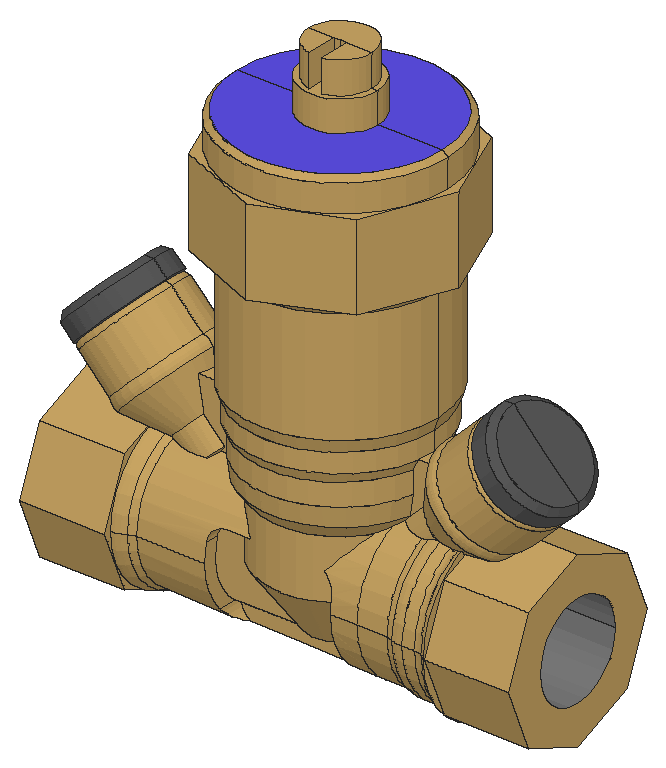
Revit family "DA04400000", category Apparecchi idraulici, Revit 2016
Family settings
  Tipo di parte = Normale
  Quota connettore circolare = Usa diametro
  Numero OmniClass = 23.45.00.00
  Titolo OmniClass = Sanitary, Laundry, and Cleaning Equipment
  Basato su piano di lavoro = No
  Sempre verticale = Sì
  Taglio con vuoti quando caricato = No
  Condiviso = No
  Punto di calcolo locali = No
Parameters
  Modello DN [instance] = DA04401015 : DA04401015
  DN [instance] = 15 mm
Reference planes
  plane 1 "Centro (Fronte/Retro)": y = 0
  plane 2: z = 0
  plane 3 "Centro (Sinistra/Destra)": x = 0
Dimensions and locks
  aligned and locked: level to plane 2
Nested families
  nested 1: "DA04401015" at (0, 0, 0), type <- "Modello DN", type "DA04401015"
Connectors
  piping at (-38.269, 0.402, 14.399), diameter 15, driven by "DN"
    settings: on nested 1, index 1, connector inside diameter 609.6 mm, connector length 0 mm, flow factor 0, pipe flow 0.0 L/s, pressure drop 0.0 Pa, fitting loss kfactor 0, connector angle 0.00°, fixture units 0, engagement length 0 mm, angle of deflection 0.00°, flow configuration 0, flow direction 0, fitting loss method 0, system type 7, joint type 0, gender type 0, connector reference index -1, connector utility 0, adjustable connector no, is connector primary yes, connector description ""
  piping at (38.62, 0.402, 14.399), diameter 15, driven by "DN"
    settings: on nested 1, index 2, connector inside diameter 609.6 mm, connector length 0 mm, flow factor 0, pipe flow 0.0 L/s, pressure drop 0.0 Pa, fitting loss kfactor 0, connector angle 0.00°, fixture units 0, engagement length 0 mm, angle of deflection 0.00°, flow configuration 0, flow direction 0, fitting loss method 0, system type 7, joint type 0, gender type 0, connector reference index -1, connector utility 0, adjustable connector no, is connector primary no, connector description ""
Definition of nested family "DA04401015"
  Parameters (values of type "DA04401015")
    URL = "https://web.cimberio.it/index.php/figura/1759?subcategoria_id="
    Model = "DA04401015"
  Reference planes
    plane 1 "Centro (Fronte/Retro)": y = 0
    plane 2: z = 0
    plane 3 "Centro (Sinistra/Destra)": x = 0
  Forms (mm)
    Extrusion 1, solid
      sketch origin (0, 0, -0.598) x (0, 1, 0) y (0, 0, 1)
        loop
          line (0.402, 1.497) -> (9.948, 5.451) -> (13.902, 14.997) -> (9.948, 24.543) -> (0.402, 28.497) -> (-9.144, 24.543) -> (-13.098, 14.997) -> (-9.144, 5.451) -> (0.402, 1.497)
        loop
          circle (0.402, 14.997) r 7.5
      from -38.269 to -24.966
    Extrusion 2, solid
      sketch origin (65, 0, -0.598) x (0, 1, 0) y (0, 0, 1)
        loop
          line (0.402, 1.497) -> (9.948, 5.451) -> (13.902, 14.997) -> (9.948, 24.543) -> (0.402, 28.497) -> (-9.144, 24.543) -> (-13.098, 14.997) -> (-9.144, 5.451) -> (0.402, 1.497)
        loop
          circle (0.402, 14.997) r 7.5
      from -39.794 to -26.38
    Revolve 3, solid
      sketch origin (0, 0, 14.399) x (1, 0, 0) y (0, 1, 0)
        loop
          arc (-22.694, 12.291) -> (-23.791, 12.74) -> (-24.966, 12.902) r 4.734
          line (-24.966, 12.902) -> (-24.966, 9.948) -> (25.206, 9.948) -> (25.206, 13.902) -> (24.206, 13.284)
          arc (24.206, 13.284) -> (23.561, 12.999) -> (22.862, 12.902) r 2.556
          line (22.862, 12.902) -> (21.018, 12.902)
          arc (21.018, 12.902) -> (20.141, 12.849) -> (19.277, 12.691) r 7.291
          line (19.277, 12.691) -> (18.136, 12.41) -> (13.394, 12.299) -> (-21.737, 11.752) -> (-22.694, 12.291)
        axis (-24.966, 0.402) -> (25.206, 0.402)
      angle from 0 to 360
    Extrusion 4, void
      sketch origin (0, 0, 0) x (1, 0, 0) y (0, 0, 1)
        loop
          arc (-8.521, 19.541) -> (-10.139, 18.87) -> (-10.809, 17.252) r 2.288
          line (-10.809, 17.252) -> (-10.809, 6.711)
          arc (-10.809, 6.711) -> (-9.792, 4.254) -> (-7.335, 3.236) r 3.475
          line (-7.335, 3.236) -> (5.628, 3.236)
          arc (5.628, 3.236) -> (8.163, 4.286) -> (9.212, 6.82) r 3.584
          line (9.212, 6.82) -> (9.212, 16.543)
          arc (9.212, 16.543) -> (8.334, 18.663) -> (6.215, 19.541) r 2.998
          line (6.215, 19.541) -> (-8.521, 19.541)
      from 4.146 to 21.398
    Extrusion 5, void
      sketch origin (0, 0, 0) x (1, 0, 0) y (0, 0, -1)
        loop
          line (-9.71, -19.541) -> (6.215, -19.541)
          arc (6.215, -19.541) -> (8.334, -18.663) -> (9.212, -16.543) r 2.998
          line (9.212, -16.543) -> (9.212, 0.719)
          arc (9.212, 0.719) -> (8.163, 3.253) -> (5.628, 4.303) r 3.584
          line (5.628, 4.303) -> (-8.523, 4.303)
          arc (-8.523, 4.303) -> (-10.98, 3.285) -> (-11.998, 0.828) r 3.475
          line (-11.998, 0.828) -> (-11.998, -17.252)
          arc (-11.998, -17.252) -> (-11.328, -18.87) -> (-9.71, -19.541) r 2.288
      from 4.13 to 21.398
    Revolve 6, solid
      sketch origin (0, 0, 0) x (1, 0, 0) y (0, 0, 1)
        loop
          line (1.62, 57.799) -> (1.62, 5.611) -> (6.62, 5.611) -> (13.394, 14.957) -> (13.394, 24.302) -> (15.211, 26.564) -> (15.677, 29.698) -> (15.677, 33.235) -> (16.423, 34.821) -> (16.423, 37.875) -> (17.12, 39.899) -> (17.12, 57.799) -> (1.62, 57.799)
        axis (1.62, 57.799) -> (1.62, 5.611)
      angle from 0 to 360
    Revolve 7, solid
      sketch origin (0, 0, 0) x (1, 0, 0) y (0, 0, 1)
        loop
          line (17.77, 77.799) -> (1.62, 77.799) -> (1.62, 57.799) -> (17.12, 57.799) -> (18.57, 59.249) -> (18.57, 76.999) -> (17.77, 77.799)
        axis (1.62, 77.799) -> (1.62, 57.799)
      angle from 0 to 360
    Extrusion 8, solid
      sketch origin (0, 0, 0) x (1, 0, 0) y (0, 1, 0)
        loop
          line (1.62, -18.684) -> (14.832, -13.212) -> (20.304, 0) -> (14.832, 13.212) -> (1.62, 18.684) -> (-11.592, 13.212) -> (-17.064, 0) -> (-11.592, -13.212) -> (1.62, -18.684)
        loop
          circle (1.62, 0) r 16.15
      from 59.301 to 72.737
    Revolve 9, solid
      sketch origin (0, 0, 0) x (1, 0, 0) y (0, 0, 1)
        loop
          line (1.62, 87.599) -> (1.62, 77.799) -> (7.52, 77.799) -> (7.52, 82.599) -> (6.62, 82.599) -> (6.62, 87.599) -> (1.62, 87.599)
        axis (1.62, 87.599) -> (1.62, 77.799)
      angle from 0 to 360
    Extrusion 10, void
      sketch origin (0, 0, 0) x (1, 0, 0) y (0, 1, 0)
        loop
          line (1.62, 0) -> (0.61, 0) -> (0.61, -5.462) -> (2.596, -5.462) -> (2.596, 0) -> (1.62, 0)
      from 82.599 to 92.671
    Revolve 11, solid
      sketch origin (0, 0, 0) x (1, 0, 0) y (0, 0, 1)
        loop
          line (-31.495, 38.526) -> (-15.81, 22.841) -> (-13.424, 26.972) -> (-16.801, 30.349) -> (-18.465, 37.399)
          arc (-18.465, 37.399) -> (-19.099, 38.208) -> (-20.006, 38.692) r 2.486
          line (-20.006, 38.692) -> (-24.961, 43.648)
          arc (-24.961, 43.648) -> (-25.668, 43.94) -> (-26.374, 43.648) r 0.999
          line (-26.374, 43.648) -> (-31.495, 38.526)
        axis (-31.495, 38.526) -> (-15.81, 22.841)
      angle from 0 to 360
    Revolve 12, solid
      sketch origin (-0.353, 0, -0.625) x (-1, 0, 0) y (0, 0, -1)
        loop
          line (-31.495, -38.526) -> (-26.374, -43.648)
          arc (-26.374, -43.648) -> (-25.668, -43.94) -> (-24.961, -43.648) r 0.999
          line (-24.961, -43.648) -> (-20.006, -38.692)
          arc (-20.006, -38.692) -> (-19.099, -38.208) -> (-18.465, -37.399) r 2.486
          line (-18.465, -37.399) -> (-16.801, -30.349) -> (-13.424, -26.972) -> (-15.81, -22.841) -> (-31.495, -38.526)
        axis (-31.495, -38.526) -> (-15.81, -22.841)
      angle from 0 to 360
    Revolve 13, solid
      sketch origin (0, 0, 0) x (1, 0, 0) y (0, 0, 1)
        loop
          line (-34.34, 41.371) -> (-31.512, 38.543) -> (-25.684, 44.371) -> (-27.805, 46.492) -> (-29.22, 46.492) -> (-34.34, 41.371)
        axis (-34.34, 41.371) -> (-31.512, 38.543)
      angle from 0 to 360
    Revolve 14, solid
      sketch origin (-0.385, 0, -0.625) x (-1, 0, 0) y (0, 0, -1)
        loop
          line (-34.34, -41.371) -> (-29.22, -46.492) -> (-27.805, -46.492) -> (-25.684, -44.371) -> (-31.512, -38.543) -> (-34.34, -41.371)
        axis (-34.34, -41.371) -> (-31.512, -38.543)
      angle from 0 to 360
    Extrusion 15, solid
      sketch origin (0, 0, 0) x (1, 0, 0) y (0, 0, 1)
        loop
          line (-16.229, 21.27) -> (-16.229, 4.16) -> (13.394, 4.16) -> (13.394, 21.27) -> (-16.229, 21.27)
      from -4.13 to 4.146
    Extrusion 16, solid
      sketch origin (0, 0, 0) x (1, 0, 0) y (0, 0, 1)
        loop
          line (-19.342, 35.005) -> (-19.342, 25.005) -> (-10.59, 25.005) -> (-10.59, 35.005) -> (-19.342, 35.005)
      from 0 to 3
    Extrusion 17, solid
      sketch origin (3.24, 0, 0) x (-1, 0, 0) y (0, 0, -1)
        loop
          line (-19.342, -35.005) -> (-10.59, -35.005) -> (-10.59, -25.005) -> (-19.342, -25.005) -> (-19.342, -35.005)
      from 0 to 3
    Extrusion 18, solid
      sketch origin (-20, 0, 0) x (0, 1, 0) y (0, 0, 1)
        loop
          circle (0.37, 14.957) r 10.104
      from 0 to 3
    Extrusion 19, solid
      sketch origin (23.24, 0, 0) x (0, 1, 0) y (0, 0, -1)
        loop
          circle (0.37, -14.957) r 10.104
      from 0 to 3
  Cuts and joins
    Extrusion 4, Extrusion 5, Extrusion 10 cuts Revolve 3
    Extrusion 10 cuts Revolve 6
    Extrusion 10 cuts Revolve 7
    Extrusion 10 cuts Revolve 9
  Dimensions and locks
    aligned and locked: level to plane 2
  Connectors
    piping at (-38.269, 0.402, 14.399), diameter 15
      settings: on Extrusion 1, index 1, connector inside diameter 609.6 mm, connector length 0 mm, flow factor 0, pipe flow 0.0 L/s, pressure drop 0.0 Pa, fitting loss kfactor 0, connector angle 0.00°, fixture units 0, engagement length 0 mm, angle of deflection 0.00°, flow configuration 0, flow direction 0, fitting loss method 0, system type 8, joint type 0, gender type 0, connector reference index -1, connector utility 0, adjustable connector no, is connector primary yes, connector description ""
    piping at (38.62, 0.402, 14.399), diameter 15
      settings: on Extrusion 2, index 2, connector inside diameter 609.6 mm, connector length 0 mm, flow factor 0, pipe flow 0.0 L/s, pressure drop 0.0 Pa, fitting loss kfactor 0, connector angle 0.00°, fixture units 0, engagement length 0 mm, angle of deflection 0.00°, flow configuration 0, flow direction 0, fitting loss method 0, system type 7, joint type 0, gender type 0, connector reference index -1, connector utility 0, adjustable connector no, is connector primary no, connector description ""
